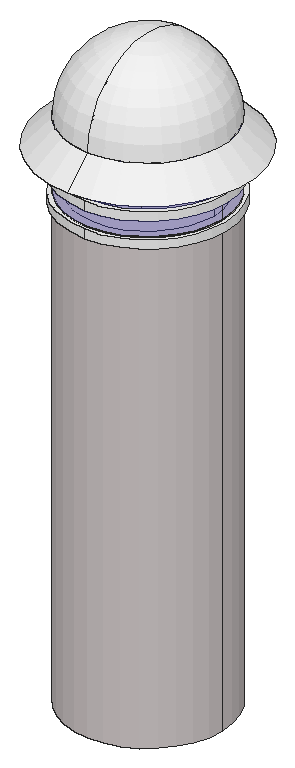
Revit family
Parameters (values of type "228mm 지름")
  Wattage = 100 W
  built-in parameter 1150110 = 1 (stored number, unit not read)
  built-in parameter 1114217 = 1 (stored number, unit not read)
  built-in parameter 1150109 = 1 (stored number, unit not read)
  built-in parameter 1150134 = 4
  built-in parameter 1150113 = 1 (stored number, unit not read)
  built-in parameter 1150115 = 1 (stored number, unit not read)
  built-in parameter 1150105 = 134.49 (stored number, unit not read)
  Light Source Symbol Size = 609.60 mm
  built-in parameter 1150137 = (empty or 0)
  built-in parameter 1150139 = (empty or 0)
  built-in parameter 1150112 = 1 (stored number, unit not read)
  built-in parameter 1150114 = 1 (stored number, unit not read)
  Lamp = "A-19"
  built-in parameter 1150132 = (empty or 0)
  built-in parameter 1150102 = (empty or 0)
  built-in parameter 1150138 = (empty or 0)
  built-in parameter 1150107 = 2800 (stored number, unit not read)
  built-in parameter 1150106 = 1.3449 (stored number, unit not read)
  built-in parameter 1150104 = 1.5701 (stored number, unit not read)
  Dimming Lamp Color Temperature Shift = (empty or 0)
  Color Filter = 16777215
  택시 재료 = 금속 - 스틸, 광택
  베이스 재료 = 콘크리트 - 프리캐스트 콘크리트
  Lumens = 1690 lm
  built-in parameter 1114218 = 1 (stored number, unit not read)
  built-in parameter 1150133 = 10 (stored number, unit not read)
Reference planes
  plane 1 "광원 축": y = -114.3
  plane 2: z = 0
  plane 3 "광원 축": x = -114.3
  plane 4 "광원 입면도": z = 762
  plane 5: y = 0
  plane 6: x = 0
  plane 7: y = -228.6
  plane 8: x = -228.6
  plane 9: z = 914.4
  plane 10: z = 800.1
  plane 11: z = 698.5
Forms (mm)
  Extrusion 1, solid, material "콘크리트 - 프리캐스트 콘크리트" <- "베이스 재료"
    sketch origin (0, 0, 0) x (1, 0, 0) y (0, 1, 0)
      loop
        circle (-114.3, -114.3) r 114.3
    from 0 to 698.5
  Extrusion 2, solid, material "유리"
    sketch origin (0, 0, 0) x (1, 0, 0) y (0, 1, 0)
      loop
        circle (-114.3, -114.3) r 114.3
      loop
        circle (-114.3, -114.3) r 101.6
    from 698.5 to 800.1
  Revolve 3, solid, material "금속 - 스틸, 광택" <- "택시 재료"
    sketch origin (-114.3, 0, 0) x (0, 1, 0) y (0, 0, 1)
      loop
        line (-114.3, 914.4) -> (-114.3, 901.7) -> (0, 787.4) -> (0, 762) -> (38.1, 762) -> (0, 800.1)
        arc (0, 800.1) -> (-33.478, 880.922) -> (-114.3, 914.4) r 114.3
      loop
        line (0, 698.5) -> (0, 685.8) -> (6.35, 685.8) -> (6.35, 698.5) -> (0, 698.5)
      loop
        line (0, 736.6) -> (0, 723.9) -> (6.35, 723.9) -> (6.35, 736.6) -> (0, 736.6)
      axis (-114.3, 914.4) -> (-114.3, 685.8)
    angle from 0 to 360
Lines and regions (mm)
  Masking region 1
    outline origin (0, 0, 0) x (1, 0, 0) y (0, 1, 0)
      loop
        circle (-114.3, -114.3) r 114.3
  symbolic lines, style "외부"
    curve 1: arc (-215.9, -114.3, 0) -> (-114.3, -12.7, 0) -> (-12.7, -114.3, 0) r 101.6
    curve 2: arc (-12.7, -114.3, 0) -> (-114.3, -215.9, 0) -> (-215.9, -114.3, 0) r 101.6
Dimensions and locks
  equal spacing: plane 8, plane 3 "광원 축", plane 6
  plane 8 to plane 6 = 228.60 mm
  plane 7 to plane 5 = 228.60 mm
  equal spacing: plane 7, plane 1 "광원 축", plane 5
  plane 4 "광원 입면도" to plane 2 = 762.00 mm
  plane 9 to plane 2 = 914.40 mm
  locked: plane 9 to plane 10 at 114.3
  locked: plane 10 to plane 11 at 101.6
  aligned and locked: Extrusion 1 to plane 11
  aligned and locked: Extrusion 2 to plane 10
  aligned and locked: Extrusion 2 to Extrusion 1
  aligned and locked: Masking region 1 sketch curve to Extrusion 2
  aligned and locked: plane 3 "광원 축" to imposter light
  aligned and locked: plane 1 "광원 축" to imposter light
  aligned and locked: plane 4 "광원 입면도" to imposter light
Automatic sketch dimensions
  curve 1 to plane 1 "광원 축" = 0.00 mm
  curve 1 to plane 3 "광원 축" = 0.00 mm
  plane 8 to curve 1 = 12.70 mm
